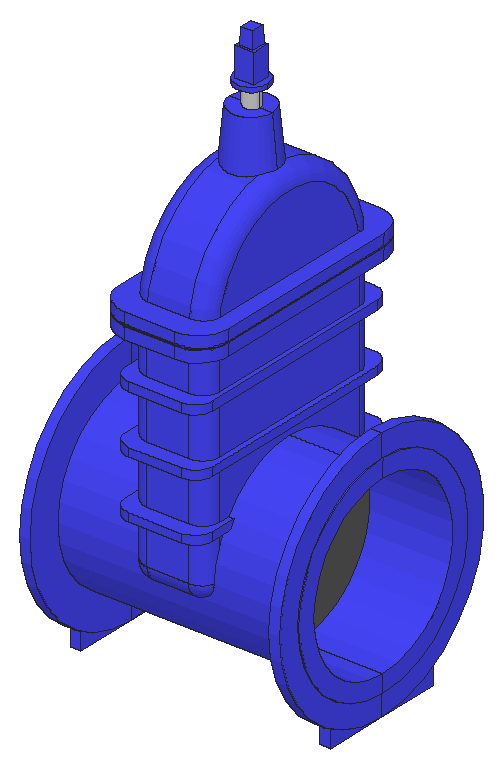
Revit family "02-75-006 DN040-400", category Pipe Accessories, Revit 2022
Family settings
  Round Connector Dimension = Use Diameter
  Part Type = Valve - Breaks Into
  Work Plane-Based = No
  Always vertical = Yes
  Cut with Voids When Loaded = No
  Shared = No
Parameters (values of type "DN400_PN16")
  Stand_Rib_W = (H3 - H) * 0.5  # 145 mm
  Rib2 = size_lookup(Search_table, "Rib2", 0 mm, DN)  # 273.7 mm
  Rib1 = size_lookup(Search_table, "Rib1", 0 mm, DN)  # 98.9 mm
  Logo height = Body_H * 0.85  # 435.2 mm
  L/2 = L / 2  # 300 mm
  FL_R = Body_FL_W * 0.55  # 68.75 mm
  disk_T = Rib_W * 1.1  # 108.79 mm
  URL_product_pages = "https://www.avkvalves.com/P.aspx?no=0204075514649003"
  Stem_cap_dia = size_lookup(Search_table, "Stem_cap_dia", 0 mm, DN)  # 75 mm
  Stem_cap_H = size_lookup(Search_table, "Stem_cap_H", 0 mm, DN)  # 115 mm
  Stem_R = Stem_cap_dia * 0.55  # 41.25 mm
  Search_table = "02-75-006 DN040-400"
  Rib_W = Body_W * 1.15  # 98.9 mm
  Rib_T = FL_T * 0.35  # 9.8 mm
  Rib_L = Body_L * 1.15  # 273.7 mm
  Rib_H = Body_H * 0.26  # 133.12 mm
  Reduced_dim1 = Body_W * 1.1  # 94.6 mm
  Increased_dim = (H3 - H) * 0.8  # 232 mm
  Raised_dis = size_lookup(Search_table, "Raised_dis", 0 mm, DN)  # 4 mm
  Raised_Dia = size_lookup(Search_table, "Raised_Dia", 0 mm, DN) / 2  # 240 mm
  Nut = Bonnet_dim2 * 0.85  # 41.667 mm
  L = size_lookup(Search_table, "L", 0 mm, DN)  # 600 mm
  H3-H = size_lookup(Search_table, "H3-H", 0 mm, DN)  # 290 mm
  H3 = size_lookup(Search_table, "H3", 0 mm, DN)  # 1307 mm
  H1 = (H - Stem_cap_H) * 0.95  # 856.9 mm
  H = size_lookup(Search_table, "H", 0 mm, DN)  # 1017 mm
  FL_T = size_lookup(Search_table, "FL_T", 0 mm, DN)  # 28 mm
  F22 = size_lookup(Search_table, "F22", 0 mm, DN)  # 55 mm
  F2 = size_lookup(Search_table, "F2", 0 mm, DN)  # 38 mm
  F11 = size_lookup(Search_table, "F11", 0 mm, DN)  # 37 mm
  F1 = size_lookup(Search_table, "F1", 0 mm, DN) / 2  # 15 mm
  F0 = size_lookup(Search_table, "F0", 0 mm, DN)  # 32 mm
  F = size_lookup(Search_table, "F", 0 mm, DN) / 2  # 14 mm
  Description_ = "AVK GATE VALVE, FLANGED, PN10/16"
  Default Elevation = 0 mm
  DN400_PN16 = "02-400-75-51464"
  DN400_PN10 = "02-400-75-50464"
  DN300_PN16 = "02-300-75-514647003"
  DN300_PN10 = "02-300-75-504647003"
  DN250_PN16 = "02-250-75-514649003"
  DN250_PN10 = "02-250-75-504649003"
  DN200_PN16 = "02-200-75-514649003"
  DN200_PN10 = "02-200-75-504649003"
  DN150_PN10/16 = "02-150-75-514649003"
  DN125_PN10/16 = "02-125-75-514649003"
  DN100_PN10/16 = "02-100-75-514649003"
  DN080_PN10/16 = "02-080-75-534649003"
  DN080_DIN1882 = "02-080-75-514649003"
  DN060/065_PN10/16 = "02-065-75-5L4649003"
  DN050_PN10/16 = "02-050-75-514649003"
  DN040_PN10/16 = "02-040-75-514649003"
  DN = 400.1 mm
  Bore = DN / 2  # 200.05 mm
  Bonnet_dim2 = Bonnet_dim1 * 0.6  # 49.02 mm
  Bonnet_dim1 = Body_W * 0.95  # 81.7 mm
  Body_W = size_lookup(Search_table, "Body_W", 0 mm, DN) / 2  # 86 mm
  Body_T = size_lookup(Search_table, "Body_T", 0 mm, DN)  # 13 mm
  Body_R = Body_W * 0.45  # 38.7 mm
  Body_L = size_lookup(Search_table, "Body_L", 0 mm, DN) / 2  # 238 mm
  Body_H = size_lookup(Search_table, "Body_H", 0 mm, DN)  # 512 mm
  Body_FL_W = size_lookup(Search_table, "Body_FL_W", 0 mm, DN) / 2  # 125 mm
  Body_FL_T = size_lookup(Search_table, "Body_FL_T", 0 mm, DN)  # 60 mm
  Body_FL_L = size_lookup(Search_table, "Body_FL_L", 0 mm, DN) / 2  # 290 mm
  5 = 5 mm  # constant formula
  2 = 2 mm  # constant formula
  1 = 1 mm  # constant formula
Types (16, lengths in mm): name | Stand_Rib_W | Rib2 | Rib1 | Logo height | L/2 | FL_R | disk_T | Stem_cap_dia | Stem_cap_H | Stem_R | Rib_W | Rib_T | Rib_L | Rib_H | Reduced_dim1 | Increased_dim | Raised_dis | Raised_Dia | Nut | L | H3-H | H3 | H1 | H | FL_T | F22 | F2 | F11 | F0 | DN | Bore | Bonnet_dim2 | Bonnet_dim1 | Body_W | Body_T | Body_R | Body_L | Body_H | Body_FL_W | Body_FL_T | Body_FL_L
  (no name) | 145 | 273.7 | 98.9 | 435.2 | 300 | 68.75 | 108.79 | 75 | 115 | 41.25 | 98.9 | 9.8 | 273.7 | 133.12 | 94.6 | 232 | 4 | 240 | 41.667 | 600 | 290 | 1307 | 856.9 | 1017 | 28 | 55 | 38 | 37 | 32 | 400.1 | 200.05 | 49.02 | 81.7 | 86 | 13 | 38.7 | 238 | 512 | 125 | 60 | 290
  DN040_PN10/16 | 37.5 | 39.6 | 25 | 80.75 | 120 | 24.75 | 37.95 | 42 | 53 | 23.1 | 34.5 | 3.5 | 51.75 | 24.7 | 33 | 60 | 3 | 57.5 | 14.535 | 240 | 75 | 301 | 164.35 | 226 | 10 | 30 | 42 | 16 | 14 | 40 | 20 | 17.1 | 28.5 | 30 | 5 | 13.5 | 45 | 95 | 45 | 18 | 60
  DN060/065_PN10/16 | 46.35 | 51.48 | 25 | 86.275 | 135 | 26.4 | 49.335 | 56 | 85 | 30.8 | 44.85 | 3.5 | 85.1 | 26.39 | 42.9 | 74.16 | 3 | 59 | 18.896 | 270 | 92.7 | 393.7 | 205.2 | 301 | 10 | 34 | 38 | 20 | 17 | 65 | 32.5 | 22.23 | 37.05 | 39 | 6 | 17.55 | 74 | 101.5 | 48 | 22 | 85.5
  DN080_DIN1882 | 50 | 46.2 | 25 | 91.8 | 140 | 26.4 | 44.275 | 56 | 85 | 30.8 | 40.25 | 3.5 | 82.8 | 28.08 | 38.5 | 80 | 3 | 66 | 16.957 | 280 | 100 | 440 | 242.25 | 340 | 10 | 34 | 38 | 20 | 17 | 80 | 40 | 19.95 | 33.25 | 35 | 7 | 15.75 | 72 | 108 | 48 | 24 | 85.5
  DN080_PN10/16 | 50 | 46.2 | 25 | 91.8 | 140 | 26.4 | 44.275 | 56 | 85 | 30.8 | 40.25 | 3.5 | 82.8 | 28.08 | 38.5 | 80 | 3 | 66 | 16.957 | 280 | 100 | 440 | 242.25 | 340 | 10 | 34 | 38 | 20 | 17 | 80.1 | 40.05 | 19.95 | 33.25 | 35 | 7 | 15.75 | 72 | 108 | 48 | 24 | 85.5
  DN100_PN10/16 | 55 | 50.16 | 25 | 103.7 | 150 | 28.875 | 48.07 | 56 | 85 | 30.8 | 43.7 | 3.5 | 94.3 | 31.72 | 41.8 | 88 | 3 | 78 | 18.411 | 300 | 110 | 465 | 256.5 | 355 | 10 | 34 | 38 | 22 | 19 | 100 | 50 | 21.66 | 36.1 | 38 | 6 | 17.1 | 82 | 122 | 52.5 | 25 | 96
  DN125_PN10/16 | 62.5 | 56.76 | 25 | 123.25 | 162.5 | 28.875 | 54.395 | 56 | 85 | 30.8 | 49.45 | 5.25 | 115 | 37.7 | 47.3 | 100 | 3 | 92 | 20.834 | 325 | 125 | 529 | 303.05 | 404 | 15 | 34 | 38 | 22 | 19 | 125 | 62.5 | 24.51 | 40.85 | 43 | 6 | 19.35 | 100 | 145 | 52.5 | 25 | 110
  DN150_PN10/16 | 71 | 63.36 | 25 | 146.2 | 175 | 41.25 | 60.72 | 56 | 85 | 30.8 | 55.2 | 5.25 | 140.3 | 44.72 | 52.8 | 113.6 | 3 | 105.5 | 23.256 | 350 | 142 | 600 | 354.35 | 458 | 15 | 34 | 38 | 22 | 19 | 150 | 75 | 27.36 | 45.6 | 48 | 6 | 21.6 | 122 | 172 | 75 | 25 | 136
  DN200_PN10 | 85 | 72.6 | 40 | 187 | 200 | 46.75 | 69.575 | 70 | 103 | 38.5 | 63.25 | 7 | 180.55 | 57.2 | 60.5 | 136 | 3 | 133 | 26.647 | 400 | 170 | 736 | 439.85 | 566 | 20 | 34 | 38 | 28 | 24 | 200 | 100 | 31.35 | 52.25 | 55 | 7 | 24.75 | 157 | 220 | 85 | 30 | 166
  DN200_PN16 | 85 | 72.6 | 40 | 187 | 200 | 46.75 | 69.575 | 70 | 103 | 38.5 | 63.25 | 7 | 180.55 | 57.2 | 60.5 | 136 | 3 | 133 | 26.647 | 400 | 170 | 736 | 439.85 | 566 | 20 | 34 | 38 | 28 | 24 | 200.1 | 100.05 | 31.35 | 52.25 | 55 | 7 | 24.75 | 157 | 220 | 85 | 30 | 166
  DN250_PN10 | 100 | 95.7 | 40 | 242.25 | 225 | 58.85 | 91.712 | 70 | 103 | 38.5 | 83.375 | 7.7 | 224.825 | 74.1 | 79.75 | 160 | 2 | 159.5 | 35.126 | 450 | 200 | 888 | 555.75 | 688 | 22 | 47 | 38 | 31 | 27 | 250 | 125 | 41.325 | 68.875 | 72.5 | 8.5 | 32.625 | 195.5 | 285 | 107 | 30 | 211
  DN250_PN16 | 100 | 95.7 | 40 | 242.25 | 225 | 58.85 | 91.712 | 70 | 103 | 38.5 | 83.375 | 7.7 | 224.825 | 74.1 | 79.75 | 160 | 2 | 159.5 | 35.126 | 450 | 200 | 888 | 555.75 | 688 | 22 | 47 | 38 | 31 | 27 | 250.1 | 125.05 | 41.325 | 68.875 | 72.5 | 8.5 | 32.625 | 195.5 | 285 | 107 | 30 | 211
  DN300_PN10 | 113.5 | 228 | 97.5 | 314.5 | 250 | 63.525 | 107.525 | 70 | 103 | 38.5 | 97.75 | 8.75 | 235.75 | 96.2 | 93.5 | 181.6 | 2 | 185 | 41.182 | 500 | 227 | 999 | 635.55 | 772 | 25 | 47 | 38 | 31 | 27 | 300 | 150 | 48.45 | 80.75 | 85 | 8.5 | 38.25 | 205 | 370 | 115.5 | 45 | 227.5
  DN300_PN16 | 113.5 | 228 | 97.5 | 314.5 | 250 | 63.525 | 107.525 | 70 | 103 | 38.5 | 97.75 | 8.75 | 235.75 | 96.2 | 93.5 | 181.6 | 2 | 185 | 41.182 | 500 | 227 | 999 | 635.55 | 772 | 25 | 47 | 38 | 31 | 27 | 300.1 | 150.05 | 48.45 | 80.75 | 85 | 8.5 | 38.25 | 205 | 370 | 115.5 | 45 | 227.5
  DN400_PN10 | 145 | 273.7 | 98.9 | 435.2 | 300 | 68.75 | 108.79 | 75 | 115 | 41.25 | 98.9 | 8.75 | 273.7 | 133.12 | 94.6 | 232 | 4 | 240 | 41.667 | 600 | 290 | 1307 | 856.9 | 1017 | 25 | 55 | 38 | 37 | 32 | 400 | 200 | 49.02 | 81.7 | 86 | 13 | 38.7 | 238 | 512 | 125 | 60 | 290
  DN400_PN16 | 145 | 273.7 | 98.9 | 435.2 | 300 | 68.75 | 108.79 | 75 | 115 | 41.25 | 98.9 | 9.8 | 273.7 | 133.12 | 94.6 | 232 | 4 | 240 | 41.667 | 600 | 290 | 1307 | 856.9 | 1017 | 28 | 55 | 38 | 37 | 32 | 400.1 | 200.05 | 49.02 | 81.7 | 86 | 13 | 38.7 | 238 | 512 | 125 | 60 | 290
Reference planes
  plane 1 "Center (Front/Back)": y = 0
  plane 2: z = 0
  plane 3 "Center (Left/Right)": x = 0
  plane 4: x = -300
  plane 5: x = 300
  plane 6: z = 200.05
  plane 7: z = -200.05
  plane 8: y = 200.05
  plane 9: y = -200.05
  plane 10: y = 290
  plane 11: z = 512
  plane 12: y = 238
  plane 13: y = 199.3
  plane 14: y = -199.3
  plane 15: z = 378.88
  plane 16: z = 245.76
  plane 17: z = 112.64
  plane 18: z = 1017
  plane 19: z = 902
  plane 20: z = 979
  plane 21: z = 856.9
  plane 22: z = -290
  plane 23: x = -14
  plane 24: x = 14
  plane 25: x = -15
  plane 26: x = 15
  plane 27: z = 290
  plane 28: y = -238
Forms (mm)
  Revolve 1, solid, material "Laminate, Blue, Matte"
    sketch origin (0, 0, 0) x (1, 0, 0) y (0, 0, 1)
      loop
        line (300, 200.05) -> (300, 240) -> (296, 240) -> (296, 290) -> (272, 290) -> (272, 213.05) -> (-272, 213.05) -> (-272, 290) -> (-296, 290) -> (-296, 240) -> (-300, 240) -> (-300, 200.05) -> (300, 200.05)
      axis (300, 0) -> (-300, 0)
    angle from 0 to 360
  Extrusion 2, solid, material "Laminate, Blue, Matte"
    sketch origin (0, 0, 0) x (1, 0, 0) y (0, 1, 0)
      loop
        arc (-47.3, 238) -> (-74.665, 226.665) -> (-86, 199.3) r 38.7
        line (-86, 199.3) -> (-86, -199.3)
        arc (-86, -199.3) -> (-74.665, -226.665) -> (-47.3, -238) r 38.7
        line (-47.3, -238) -> (47.3, -238)
        arc (47.3, -238) -> (74.665, -226.665) -> (86, -199.3) r 38.7
        line (86, -199.3) -> (86, 199.3)
        arc (86, 199.3) -> (74.665, 226.665) -> (47.3, 238) r 38.7
        line (47.3, 238) -> (-47.3, 238)
    from 0 to 512
  Revolve 3, solid, material "Laminate, Blue, Matte"
    sketch origin (0, 0, 0) x (1, 0, 0) y (0, 1, 0)
      loop
        arc (-47.3, 238) -> (-74.665, 226.665) -> (-86, 199.3) r 38.7
        line (-86, 199.3) -> (86, 199.3)
        arc (86, 199.3) -> (74.665, 226.665) -> (47.3, 238) r 38.7
        line (47.3, 238) -> (-47.3, 238)
      axis (-86, 199.3) -> (86, 199.3)
    angle from 360 to 0
  Revolve 4, solid, material "Laminate, Blue, Matte"
    sketch origin (0, 0, 0) x (1, 0, 0) y (0, 1, 0)
      loop
        arc (-86, -199.3) -> (-74.665, -226.665) -> (-47.3, -238) r 38.7
        line (-47.3, -238) -> (47.3, -238)
        arc (47.3, -238) -> (74.665, -226.665) -> (86, -199.3) r 38.7
        line (86, -199.3) -> (-86, -199.3)
      axis (-86, -199.3) -> (86, -199.3)
    angle from 360 to 0
  Extrusion 5, solid, material "Aluminum 1100-O"
    sketch origin (0, 0, 0) x (0, 1, 0) y (0, 0, 1)
      loop
        circle (0, 0) r 200.05
    from -108.79 to 108.79
  Extrusion 6, solid, material "Laminate, Blue, Matte"
    sketch origin (-870.12, -1524, 512) x (-1, 0, 0) y (0, -1, 0)
      loop
        arc (-813.87, -1814) -> (-765.256, -1793.864) -> (-745.12, -1745.25) r 68.75
        line (-745.12, -1745.25) -> (-745.12, -1302.75)
        arc (-745.12, -1302.75) -> (-765.256, -1254.136) -> (-813.87, -1234) r 68.75
        line (-813.87, -1234) -> (-926.37, -1234)
        arc (-926.37, -1234) -> (-974.983, -1254.136) -> (-995.12, -1302.75) r 68.75
        line (-995.12, -1302.75) -> (-995.12, -1745.25)
        arc (-995.12, -1745.25) -> (-974.983, -1793.864) -> (-926.37, -1814) r 68.75
        line (-926.37, -1814) -> (-813.87, -1814)
    from -28 to 28
  Sweep 7, void
    path in 3D
      loop
        arc (-56.25, 290, 540) -> (-104.864, 269.864, 540) -> (-125, 221.25, 540) r 68.75
        line (-125, 221.25, 540) -> (-125, -221.25, 540)
        arc (-125, -221.25, 540) -> (-104.864, -269.864, 540) -> (-56.25, -290, 540) r 68.75
        line (-56.25, -290, 540) -> (56.25, -290, 540)
        arc (56.25, -290, 540) -> (104.864, -269.864, 540) -> (125, -221.25, 540) r 68.75
        line (125, -221.25, 540) -> (125, 221.25, 540)
        arc (125, 221.25, 540) -> (104.864, 269.864, 540) -> (56.25, 290, 540) r 68.75
        line (56.25, 290, 540) -> (-56.25, 290, 540)
    profile origin (0, 290, 540) x (0, -1, 0) y (0, 0, 1)
      loop
        circle (0, -28) r 2
  Revolve 8, solid, material "Laminate, Blue, Matte"
    sketch origin (-870.12, -1524, 512) x (-1, 0, 0) y (0, -1, 0)
      loop
        line (-917.42, -1762) -> (-822.82, -1762)
        arc (-822.82, -1762) -> (-795.455, -1750.665) -> (-784.12, -1723.3) r 38.7
        line (-784.12, -1723.3) -> (-784.12, -1524) -> (-956.12, -1524) -> (-956.12, -1723.3)
        arc (-956.12, -1723.3) -> (-944.785, -1750.665) -> (-917.42, -1762) r 38.7
      axis (-784.12, -1524) -> (-956.12, -1524)
    angle from 360 to 180
  Extrusion 9, solid, material "Laminate, Blue, Matte"
    sketch origin (-569.469, -1524, 902) x (-1, 0, 0) y (0, -1, 0)
      loop
        circle (-569.469, -1524) r 37.5
    from 0 to 9.8
  Blend 10, solid, material "Laminate, Blue, Matte"
    base sketch origin (-1510.49, -1524, 1017) x (-1, 0, 0) y (0, -1, 0)
      loop
        line (-1496.49, -1538) -> (-1496.49, -1510) -> (-1524.49, -1510) -> (-1524.49, -1538) -> (-1496.49, -1538)
    top sketch origin (-1510.49, -1524, 1017) x (-1, 0, 0) y (0, -1, 0)
      loop
        line (-1495.49, -1539) -> (-1495.49, -1509) -> (-1525.49, -1509) -> (-1525.49, -1539) -> (-1495.49, -1539)
    from 0 to -38
  Extrusion 11, solid, material "Laminate, Blue, Matte"
    sketch origin (-141.54, -1524, 979) x (-1, 0, 0) y (0, -1, 0)
      loop
        line (-120.915, -1544.625) -> (-120.915, -1503.375) -> (-162.165, -1503.375) -> (-162.165, -1544.625) -> (-120.915, -1544.625)
    from -67.2 to 0
  Revolve 12, solid, material "Laminate, Blue, Matte"
    sketch origin (0, 0, 0) x (1, 0, 0) y (0, 0, 1)
      loop
        line (0, 856.9) -> (0, 512) -> (81.7, 512) -> (49.02, 856.9) -> (0, 856.9)
      axis (0, 512) -> (0, 856.9)
    angle from 360 to 0
  Extrusion 13, solid, material "Default Wall"
    sketch origin (-141.54, -1524, 979) x (-1, 0, 0) y (0, -1, 0)
      loop
        circle (-141.54, -1524) r 18.5
    from -77 to -202
  Extrusion 14, solid, material "Laminate, Blue, Matte"
    sketch origin (0, 0, 0) x (0, 1, 0) y (0, 0, 1)
      loop
        arc (145, -251.147) -> (75.058, -280.118) -> (0, -290) r 290
        line (0, -290) -> (145, -290) -> (145, -251.147)
    from 272 to 296
  Extrusion 15, solid, material "Laminate, Blue, Matte"
    sketch origin (0, 0, 0) x (0, 1, 0) y (0, 0, 1)
      loop
        line (-145, -251.147) -> (-145, -290) -> (0, -290)
        arc (0, -290) -> (-75.058, -280.118) -> (-145, -251.147) r 290
    from 272 to 296
  Extrusion 16, solid, material "Laminate, Blue, Matte"
    sketch origin (0, 0, 0) x (0, 1, 0) y (0, 0, 1)
      loop
        line (145, -290) -> (145, -251.147)
        arc (145, -251.147) -> (75.058, -280.118) -> (0, -290) r 290
        line (0, -290) -> (145, -290)
    from -296 to -272
  Extrusion 17, solid, material "Laminate, Blue, Matte"
    sketch origin (0, 0, 0) x (0, 1, 0) y (0, 0, 1)
      loop
        arc (0, -290) -> (-75.058, -280.118) -> (-145, -251.147) r 290
        line (-145, -251.147) -> (-145, -290) -> (0, -290)
    from -296 to -272
  Extrusion 18, solid, material "Laminate, Blue, Matte"
    sketch origin (-437.602, -1524, 112.64) x (-1, 0, 0) y (0, -1, 0)
      loop
        arc (-377.402, -1797.7) -> (-350.037, -1786.365) -> (-338.702, -1759) r 38.7
        line (-338.702, -1759) -> (-338.702, -1289)
        arc (-338.702, -1289) -> (-350.037, -1261.635) -> (-377.402, -1250.3) r 38.7
        line (-377.402, -1250.3) -> (-497.802, -1250.3)
        arc (-497.802, -1250.3) -> (-525.167, -1261.635) -> (-536.502, -1289) r 38.7
        line (-536.502, -1289) -> (-536.502, -1759)
        arc (-536.502, -1759) -> (-525.167, -1786.365) -> (-497.802, -1797.7) r 38.7
        line (-497.802, -1797.7) -> (-377.402, -1797.7)
    from -9.8 to 9.8
  Extrusion 19, solid, material "Laminate, Blue, Matte"
    sketch origin (-437.602, -1524, 112.64) x (-1, 0, 0) y (0, -1, 0)
      loop
        arc (-377.402, -1797.7) -> (-350.037, -1786.365) -> (-338.702, -1759) r 38.7
        line (-338.702, -1759) -> (-338.702, -1289)
        arc (-338.702, -1289) -> (-350.037, -1261.635) -> (-377.402, -1250.3) r 38.7
        line (-377.402, -1250.3) -> (-497.802, -1250.3)
        arc (-497.802, -1250.3) -> (-525.167, -1261.635) -> (-536.502, -1289) r 38.7
        line (-536.502, -1289) -> (-536.502, -1759)
        arc (-536.502, -1759) -> (-525.167, -1786.365) -> (-497.802, -1797.7) r 38.7
        line (-497.802, -1797.7) -> (-377.402, -1797.7)
    from 123.32 to 142.92
  Extrusion 20, solid, material "Laminate, Blue, Matte"
    sketch origin (-437.602, -1524, 378.88) x (-1, 0, 0) y (0, -1, 0)
      loop
        arc (-377.402, -1797.7) -> (-350.037, -1786.365) -> (-338.702, -1759) r 38.7
        line (-338.702, -1759) -> (-338.702, -1289)
        arc (-338.702, -1289) -> (-350.037, -1261.635) -> (-377.402, -1250.3) r 38.7
        line (-377.402, -1250.3) -> (-497.802, -1250.3)
        arc (-497.802, -1250.3) -> (-525.167, -1261.635) -> (-536.502, -1289) r 38.7
        line (-536.502, -1289) -> (-536.502, -1759)
        arc (-536.502, -1759) -> (-525.167, -1786.365) -> (-497.802, -1797.7) r 38.7
        line (-497.802, -1797.7) -> (-377.402, -1797.7)
    from -9.8 to 9.8
Cuts and joins
  Sweep 7 cuts Extrusion 6
Lines and regions (mm)
  sketch lines
    curve 1: line (56.25, 290, 540) -> (-56.25, 290, 540)
    curve 2: arc (56.25, 290, 540) -> (104.864, 269.864, 540) -> (125, 221.25, 540) r 68.75
    curve 3: line (125, -221.25, 540) -> (125, 221.25, 540)
    curve 4: arc (125, -221.25, 540) -> (104.864, -269.864, 540) -> (56.25, -290, 540) r 68.75
    curve 5: line (-56.25, -290, 540) -> (56.25, -290, 540)
    curve 6: arc (-56.25, -290, 540) -> (-104.864, -269.864, 540) -> (-125, -221.25, 540) r 68.75
    curve 7: line (-125, 221.25, 540) -> (-125, -221.25, 540)
    curve 8: arc (-125, 221.25, 540) -> (-104.864, 269.864, 540) -> (-56.25, 290, 540) r 68.75
Dimensions and locks
  equal spacing: plane 6, level, plane 7
  "Bore": plane 6 to level
  equal spacing: plane 9, plane 1 "Center (Front/Back)", plane 8
  equal spacing: plane 4, plane 3 "Center (Left/Right)", plane 5
  "Bore": plane 1 "Center (Front/Back)" to plane 8
  "H3-H": plane 1 "Center (Front/Back)" to plane 10
  "H3-H": level to Revolve 1 sketch curve
  "Raised_Dia": level to Revolve 1 sketch curve
  "Raised_dis": plane 5 to Revolve 1 sketch curve
  "FL_T": plane 5 to Revolve 1 sketch curve
  "Raised_dis": Revolve 1 sketch curve to plane 4
  "FL_T": Revolve 1 sketch curve to plane 4
  equal spacing: Extrusion 2 sketch curve, plane 3 "Center (Left/Right)", Extrusion 2 sketch curve
  equal spacing: Extrusion 2 sketch curve, plane 1 "Center (Front/Back)", Extrusion 2 sketch curve
  "Body_L": plane 1 "Center (Front/Back)" to Extrusion 2 sketch curve
  "Body_W": plane 3 "Center (Left/Right)" to Extrusion 2 sketch curve
  "Body_H": plane 11 to level
  "Body_L": plane 1 "Center (Front/Back)" to plane 12
  "Body_R": plane 12 to plane 13
  equal spacing: plane 14, plane 1 "Center (Front/Back)", plane 13
  equal spacing: Extrusion 5 sketch curve, plane 1 "Center (Front/Back)", Extrusion 5 sketch curve
  equal spacing: Extrusion 5 sketch curve, level, Extrusion 5 sketch curve
  equal spacing: Extrusion 5, plane 3 "Center (Left/Right)", Extrusion 5
  "disk_T": plane 3 "Center (Left/Right)" to Extrusion 5
  equal spacing: Extrusion 6 sketch curve, plane 3 "Center (Left/Right)", Extrusion 6 sketch curve
  equal spacing: Extrusion 6 sketch curve, plane 1 "Center (Front/Back)", Extrusion 6 sketch curve
  "Body_FL_W": plane 3 "Center (Left/Right)" to Extrusion 6 sketch curve
  "Body_FL_L": plane 1 "Center (Front/Back)" to Extrusion 6 sketch curve
  equal spacing: Extrusion 6, plane 11, Extrusion 6
  "FL_T": Extrusion 6 to plane 11
  equal spacing: Sweep 7 sketch curve, plane 11, Sweep 7 sketch curve
  "2": Sweep 7 sketch curve to profile plane
  "Rib_H": plane 11 to plane 15
  "Rib_H": plane 15 to plane 16
  "Rib_H": plane 16 to plane 17
  "H": plane 18 to level
  "Stem_cap_H": plane 18 to plane 19
  equal spacing: Extrusion 9 sketch curve, plane 3 "Center (Left/Right)", Extrusion 9 sketch curve
  equal spacing: Extrusion 9 sketch curve, plane 1 "Center (Front/Back)", Extrusion 9 sketch curve
  "Rib_T": Extrusion 9 to plane 19
  "F2": plane 18 to plane 20
  equal spacing: Blend 10 sketch curve, plane 3 "Center (Left/Right)", Blend 10 sketch curve  (x2)
  equal spacing: Blend 10 sketch curve, plane 1 "Center (Front/Back)", Blend 10 sketch curve  (x2)
  "F": Blend 10 sketch curve to plane 3 "Center (Left/Right)"
  "F": plane 1 "Center (Front/Back)" to Blend 10 sketch curve
  "F1": Blend 10 sketch curve to plane 3 "Center (Left/Right)"
  "F1": Blend 10 sketch curve to plane 1 "Center (Front/Back)"
  equal spacing: Extrusion 11 sketch curve, plane 3 "Center (Left/Right)", Extrusion 11 sketch curve
  equal spacing: Extrusion 11 sketch curve, plane 1 "Center (Front/Back)", Extrusion 11 sketch curve
  "Stem_R": Extrusion 11 sketch curve to Extrusion 11 sketch curve  (x2)
  "Bonnet_dim1": Revolve 12 sketch curve to plane 3 "Center (Left/Right)"
  equal spacing: Extrusion 13 sketch curve, plane 3 "Center (Left/Right)", Extrusion 13 sketch curve
  equal spacing: Extrusion 13 sketch curve, plane 1 "Center (Front/Back)", Extrusion 13 sketch curve
  "H1": plane 21 to level
  "Bonnet_dim2": Revolve 12 sketch curve to plane 3 "Center (Left/Right)"
  "Body_L": plane 1 "Center (Front/Back)" to Revolve 8 sketch curve
  equal spacing: Revolve 8 sketch curve, plane 3 "Center (Left/Right)", Revolve 8 sketch curve
  "Body_W": Revolve 8 sketch curve to plane 3 "Center (Left/Right)"
  "H3-H": level to plane 22
  plane 18 to plane 22 = 1307 mm
  equal spacing: plane 24, plane 3 "Center (Left/Right)", plane 23
  equal spacing: plane 26, plane 3 "Center (Left/Right)", plane 25
  "F": plane 3 "Center (Left/Right)" to plane 23
  plane 24 to plane 23 = 28 mm
  "F1": plane 3 "Center (Left/Right)" to plane 25
  plane 26 to plane 25 = 30 mm
  "H3-H": plane 27 to level
  plane 27 to plane 22 = 580 mm
  "Body_L": plane 1 "Center (Front/Back)" to plane 28
  equal spacing: plane 5, plane 3 "Center (Left/Right)", plane 4
  "L/2": plane 5 to plane 3 "Center (Left/Right)"
  plane 5 to plane 4 = 600 mm
  "Stand_Rib_W": Extrusion 14 sketch curve to plane 1 "Center (Front/Back)"
  "Stand_Rib_W": plane 1 "Center (Front/Back)" to Extrusion 15 sketch curve
  level to Extrusion 16 = 290 mm
  "Body_T": Revolve 1 sketch curve to plane 6
  "Body_W": plane 3 "Center (Left/Right)" to Revolve 4 sketch curve
  "Body_W": plane 3 "Center (Left/Right)" to Revolve 3 sketch curve
  equal spacing: Extrusion 18 sketch curve, plane 3 "Center (Left/Right)", Extrusion 18 sketch curve
  equal spacing: Extrusion 18 sketch curve, plane 1 "Center (Front/Back)", Extrusion 18 sketch curve
  "Rib2": plane 1 "Center (Front/Back)" to Extrusion 18 sketch curve
  "Rib1": plane 3 "Center (Left/Right)" to Extrusion 18 sketch curve
  equal spacing: Extrusion 19 sketch curve, plane 1 "Center (Front/Back)", Extrusion 19 sketch curve
  equal spacing: Extrusion 19 sketch curve, plane 3 "Center (Left/Right)", Extrusion 19 sketch curve
  "Rib1": Extrusion 19 sketch curve to plane 3 "Center (Left/Right)"
  "Rib2": plane 1 "Center (Front/Back)" to Extrusion 19 sketch curve
  "Rib_T": Extrusion 19 to plane 16
  "Rib_T": plane 16 to Extrusion 19
  equal spacing: Extrusion 20 sketch curve, plane 3 "Center (Left/Right)", Extrusion 20 sketch curve
  equal spacing: Extrusion 20 sketch curve, plane 1 "Center (Front/Back)", Extrusion 20 sketch curve
  "Rib2": plane 1 "Center (Front/Back)" to Extrusion 20 sketch curve
  "Rib1": Extrusion 20 sketch curve to plane 3 "Center (Left/Right)"
  "Rib_T": Extrusion 20 to plane 15
  "Rib_T": plane 15 to Extrusion 20
  "Rib_T": Extrusion 18 to plane 17
  "Rib_T": plane 17 to Extrusion 18
  "Body_R": radius of Extrusion 2 sketch curve  (x4)
  "Bore": radius of Extrusion 5 sketch curve
  "FL_R": radius of Extrusion 6 sketch curve  (x4)
  "2": radius of Sweep 7 sketch curve
  "Stem_cap_dia": diameter of Extrusion 9 sketch curve
  "F11": diameter of Extrusion 13 sketch curve
  "Body_R": radius of Revolve 8 sketch curve  (x2)
  "Body_R": radius of Extrusion 18 sketch curve  (x4)
  "Body_R": radius of Extrusion 19 sketch curve  (x4)
  "Body_R": radius of Extrusion 20 sketch curve  (x4)
  aligned and locked: level to plane 2
  aligned and locked: plane 2 to Revolve 1 sketch curve
  aligned and locked: Revolve 1 sketch curve to plane 6
  aligned and locked: Revolve 1 sketch curve to Revolve 1 sketch curve  (x2)
  aligned and locked: Revolve 1 sketch curve to plane 5
  aligned and locked: Revolve 1 sketch curve to plane 4
  aligned and locked: Extrusion 2 to level
  aligned and locked: plane 11 to Extrusion 2
  aligned and locked: Revolve 3 sketch curve to Extrusion 2  (x2)
  aligned and locked: Revolve 3 sketch curve to plane 13
  aligned and locked: Revolve 4 sketch curve to Extrusion 2  (x2)
  aligned and locked: plane 14 to Revolve 4 sketch curve
  aligned and locked: plane 1 "Center (Front/Back)" to Revolve 8 sketch curve
  aligned and locked: Blend 10 to plane 20
  aligned and locked: plane 18 to Blend 10
  aligned and locked: plane 20 to Extrusion 11
  aligned and locked: Revolve 12 sketch curve to plane 3 "Center (Left/Right)"
  aligned and locked: plane 3 "Center (Left/Right)" to Revolve 12 sketch curve
  aligned and locked: plane 19 to Extrusion 13
  aligned and locked: plane 21 to Revolve 12 sketch curve
  aligned and locked: Extrusion 14 sketch curve to Revolve 1
  aligned and locked: Extrusion 14 sketch curve to plane 22
  aligned and locked: Revolve 1 to Extrusion 14
  aligned and locked: Extrusion 14 to Revolve 1
  aligned and locked: Extrusion 15 sketch curve to Revolve 1
  aligned and locked: plane 22 to Extrusion 15 sketch curve
  aligned and locked: Extrusion 15 to Revolve 1
  aligned and locked: Revolve 1 to Extrusion 15
  aligned and locked: Extrusion 16 sketch curve to Extrusion 14  (x2)
  aligned and locked: Extrusion 16 sketch curve to Revolve 1
  aligned and locked: Extrusion 17 sketch curve to Revolve 1
  aligned and locked: Extrusion 17 sketch curve to Extrusion 15  (x2)
  aligned and locked: Revolve 1 to Extrusion 17
  aligned and locked: Extrusion 17 to Revolve 1
  aligned and locked: Extrusion 16 to Revolve 1  (x2)
  aligned and locked: Extrusion 11 to Extrusion 9
Automatic sketch dimensions
  Extrusion 16 sketch curve to plane 1 "Center (Front/Back)" = 0 mm
  Extrusion 17 sketch curve to plane 1 "Center (Front/Back)" = 0 mm
  Revolve 1 sketch curve to Revolve 1 sketch curve = 41.204 mm
  plane 5 to Revolve 1 sketch curve = 60 mm
  Revolve 3 sketch curve to Revolve 3 sketch curve = 30 mm  (x2)
  Revolve 4 sketch curve to plane 4 = 0 mm
  Revolve 4 sketch curve to Revolve 4 sketch curve = 45 mm
  plane 1 "Center (Front/Back)" to Revolve 8 sketch curve = 0 mm
  Revolve 8 sketch curve to Revolve 8 sketch curve = 25 mm
  Revolve 8 sketch curve to Revolve 8 sketch curve = 3.704 mm
  Revolve 12 sketch curve to plane 11 = 0 mm
  Revolve 12 sketch curve to plane 17 = 0.22 mm
  plane 20 to Revolve 12 sketch curve = 11 mm
  Extrusion 14 sketch curve to plane 1 "Center (Front/Back)" = 0 mm
  Extrusion 15 sketch curve to plane 1 "Center (Front/Back)" = 0 mm
Connectors
  piping at (-300, 0, 0), diameter 400.1, driven by "DN"
    settings: on Revolve 1, index 1, connector inside diameter 609.6 mm, connector length 0 mm, flow factor 0, pipe flow 0.0 L/s, pressure drop 0.0 Pa, fitting loss kfactor 0, connector angle 0.00°, fixture units 0, engagement length 0 mm, angle of deflection 0.00°, flow configuration 0, flow direction 0, fitting loss method 0, system type 7, joint type 0, gender type 0, connector reference index -1, connector utility 0, adjustable connector no, is connector primary yes, connector description ""
  piping at (300, 0, 0), diameter 400.1, driven by "DN"
    settings: on Revolve 1, index 2, connector inside diameter 609.6 mm, connector length 0 mm, flow factor 0, pipe flow 0.0 L/s, pressure drop 0.0 Pa, fitting loss kfactor 0, connector angle 0.00°, fixture units 0, engagement length 0 mm, angle of deflection 0.00°, flow configuration 0, flow direction 0, fitting loss method 0, system type 7, joint type 0, gender type 0, connector reference index -1, connector utility 0, adjustable connector no, is connector primary no, connector description ""
